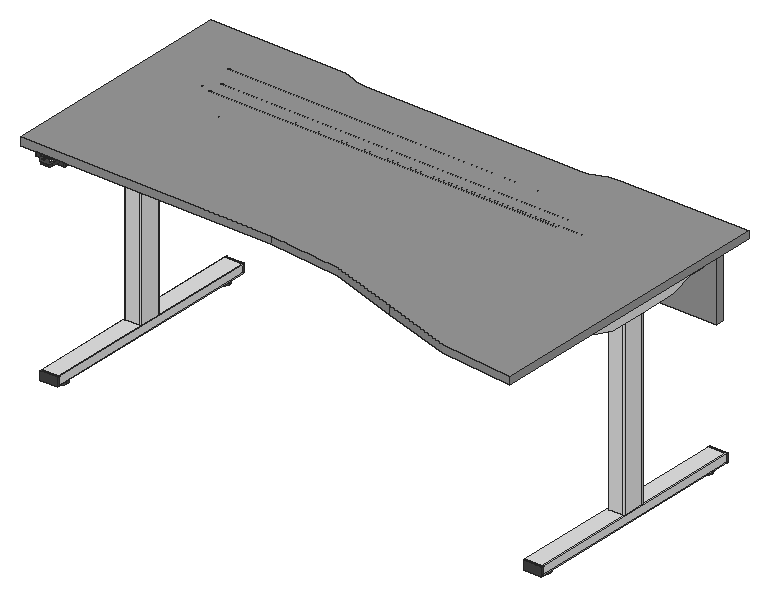
Revit family "Wave Desk with Scallop Top -RH", category Furniture, Revit 2016 (continued)
Definition of nested family "Cable Tray"
  Lines and regions (mm)
    sketch lines
      curve 188: line (-600, 330.808, 613.5) -> (-600, 247.192, 613.5)
      curve 189: arc (-600, 247.192, 613.5) -> (-600, 245.429, 614.073) -> (-600, 244.339, 615.573) r 3
      curve 190: line (-600, 244.339, 615.573) -> (-600, 236.24, 640.5)
      curve 191: line (-600, 333.661, 615.573) -> (-600, 341.76, 640.5)
      curve 192: arc (-600, 330.808, 613.5) -> (-600, 332.571, 614.073) -> (-600, 333.661, 615.573) r 3
      curve 200: line (-700, 330.808, 613.5) -> (-700, 247.192, 613.5)
      curve 201: arc (-700, 247.192, 613.5) -> (-700, 245.429, 614.073) -> (-700, 244.339, 615.573) r 3
      curve 202: line (-700, 244.339, 615.573) -> (-700, 236.24, 640.5)
      curve 203: line (-700, 333.661, 615.573) -> (-700, 341.76, 640.5)
      curve 204: arc (-700, 330.808, 613.5) -> (-700, 332.571, 614.073) -> (-700, 333.661, 615.573) r 3
      curve 212: line (-200, 330.808, 613.5) -> (-200, 247.192, 613.5)
      curve 213: arc (-200, 247.192, 613.5) -> (-200, 245.429, 614.073) -> (-200, 244.339, 615.573) r 3
      curve 214: line (-200, 244.339, 615.573) -> (-200, 236.24, 640.5)
      curve 215: line (-200, 333.661, 615.573) -> (-200, 341.76, 640.5)
      curve 216: arc (-200, 330.808, 613.5) -> (-200, 332.571, 614.073) -> (-200, 333.661, 615.573) r 3
    sketch lines, not visible
      curve 20: line (0, 318.719, 618.385) -> (0, 235.103, 618.385)
      curve 21: arc (0, 235.103, 618.385) -> (0, 233.34, 618.958) -> (0, 232.25, 620.458) r 3
      curve 22: line (0, 232.25, 620.458) -> (0, 224.151, 645.385)
      curve 23: line (0, 321.572, 620.458) -> (0, 329.671, 645.385)
      curve 24: arc (0, 318.719, 618.385) -> (0, 320.482, 618.958) -> (0, 321.572, 620.458) r 3
  Dimensions and locks
    equal spacing: plane 4, plane 3 "Center (Left/Right)", plane 5
    "Width": plane 4 to plane 5
    equal spacing: plane 7, plane 1 "Center (Front/Back)", plane 8
    locked: plane 7 to plane 8 at 800
    locked: plane 2 to plane 9 "Foot" at 15
    "HeightControl": plane 10 to level
    locked: plane 10 to plane 6 "Desktop Underside" at 25
    locked: plane 4 to plane 11 "Cable Tray Left" at 100
    locked: plane 12 "Cable Tray Right" to plane 5 at 100
    equal spacing: curve 3, curve 51, curve 123, curve 63, curve 75, curve 87, curve 99, curve 111, curve 27
    equal spacing: curve 39, curve 195, curve 183, curve 171, curve 159, curve 147, curve 207, curve 135, curve 3
    locked: plane 6 "Desktop Underside" to Extrusion 1 at 61.5
    locked: plane 7 to Extrusion 1 at 53.5
    locked: plane 6 "Desktop Underside" to Sweep 5 at 61.964
    locked: plane 6 "Desktop Underside" to Sweep 18 at 61.964
    locked: plane 6 "Desktop Underside" to Sweep 17 at 61.964
    locked: plane 6 "Desktop Underside" to Sweep 16 at 61.964
    locked: plane 6 "Desktop Underside" to Sweep 15 at 61.964
    locked: plane 6 "Desktop Underside" to Sweep 14 at 61.964
    locked: plane 6 "Desktop Underside" to Sweep 19 at 61.964
    locked: plane 6 "Desktop Underside" to Sweep 13 at 61.964
    locked: plane 6 "Desktop Underside" to Sweep 2 at 61.964
    locked: plane 6 "Desktop Underside" to Sweep 6 at 61.964
    locked: plane 6 "Desktop Underside" to Sweep 12 at 61.964
    locked: plane 6 "Desktop Underside" to Sweep 7 at 61.964
    locked: plane 6 "Desktop Underside" to Sweep 8 at 61.964
    locked: plane 6 "Desktop Underside" to Sweep 9 at 61.964
    locked: plane 6 "Desktop Underside" to Sweep 10 at 61.964
    locked: plane 6 "Desktop Underside" to Sweep 11 at 61.964
    locked: plane 6 "Desktop Underside" to Sweep 4 at 61.964
    locked: plane 7 to Extrusion 20 at 50.5
    locked: Extrusion 20 to plane 12 "Cable Tray Right" at 160
    locked: Extrusion 20 to Extrusion 20 at 25
    locked: Extrusion 21 to Extrusion 21 at 25
    locked: plane 11 "Cable Tray Left" to Extrusion 21 at 160
    aligned and locked: level to plane 2
    aligned and locked: Extrusion 1 to plane 12 "Cable Tray Right"
    aligned and locked: Extrusion 1 to plane 11 "Cable Tray Left"
    aligned and locked: plane 12 "Cable Tray Right" to curve 27
    aligned and locked: curve 39 to plane 11 "Cable Tray Left"
    aligned and locked: plane 6 "Desktop Underside" to Extrusion 20
  Automatic sketch dimensions
    Sweep 2 sketch curve to profile plane = 0 mm  (x2)
    Sweep 3 sketch curve to profile plane = 0 mm  (x2)
    Sweep 4 sketch curve to profile plane = 0 mm  (x2)
    Sweep 5 sketch curve to profile plane = 0 mm  (x2)
    Sweep 6 sketch curve to profile plane = 0 mm  (x2)
    Sweep 7 sketch curve to profile plane = 0 mm  (x2)
    Sweep 8 sketch curve to profile plane = 0 mm  (x2)
    Sweep 9 sketch curve to profile plane = 0 mm  (x2)
    Sweep 10 sketch curve to profile plane = 0 mm  (x2)
    Sweep 11 sketch curve to profile plane = 0 mm  (x2)
    Sweep 12 sketch curve to profile plane = 0 mm  (x2)
    Sweep 13 sketch curve to profile plane = 0 mm  (x2)
    Sweep 14 sketch curve to profile plane = 0 mm  (x2)
    Sweep 15 sketch curve to profile plane = 0 mm  (x2)
    Sweep 16 sketch curve to profile plane = 0 mm  (x2)
    Sweep 17 sketch curve to profile plane = 0 mm  (x2)
    Sweep 18 sketch curve to profile plane = 0 mm  (x2)
    Sweep 19 sketch curve to profile plane = 0 mm  (x2)
    Extrusion 1 sketch curve to plane 6 "Desktop Underside" = 61.5 mm  (x2)
    Extrusion 1 sketch curve to plane 7 = 167 mm
    Extrusion 1 sketch curve to Extrusion 1 sketch curve = 31 mm  (x2)
    Extrusion 1 sketch curve to Extrusion 1 sketch curve = 50 mm
    Extrusion 1 sketch curve to Extrusion 1 sketch curve = 30 mm  (x2)
    Extrusion 20 sketch curve to Extrusion 20 sketch curve = 0 mm  (x11)
    Extrusion 20 sketch curve to plane 6 "Desktop Underside" = 0 mm
    Extrusion 20 sketch curve to plane 6 "Desktop Underside" = 31.5 mm
    Extrusion 20 sketch curve to plane 7 = 171.565 mm
    Extrusion 20 sketch curve to Extrusion 20 sketch curve = 0.065 mm  (x2)
    Extrusion 20 sketch curve to Extrusion 20 sketch curve = 3 mm  (x4)
    Extrusion 20 sketch curve to Extrusion 20 sketch curve = 1.5 mm  (x4)
    Extrusion 20 sketch curve to Extrusion 20 sketch curve = 2.634 mm
    Extrusion 20 sketch curve to Extrusion 20 sketch curve = 0.049 mm  (x2)
    Extrusion 20 sketch curve to Extrusion 20 sketch curve = 39.801 mm
    Extrusion 20 sketch curve to Extrusion 20 sketch curve = 6 mm  (x2)
    Extrusion 20 sketch curve to Extrusion 20 sketch curve = 54.484 mm
    Extrusion 20 sketch curve to plane 6 "Desktop Underside" = 5 mm  (x2)
    Extrusion 20 sketch curve to Extrusion 20 sketch curve = 12 mm
    Extrusion 20 sketch curve to Extrusion 20 sketch curve = 36.451 mm
    Extrusion 20 sketch curve to Extrusion 20 sketch curve = 0.35 mm
    Extrusion 20 sketch curve to Extrusion 20 sketch curve = 0.016 mm
    Extrusion 20 sketch curve to plane 6 "Desktop Underside" = 56.074 mm
    Extrusion 20 sketch curve to Extrusion 20 sketch curve = 20.781 mm
    Extrusion 20 sketch curve to Extrusion 20 sketch curve = 5 mm  (x3)
    Extrusion 20 sketch curve to Extrusion 20 sketch curve = 5.426 mm
    Extrusion 20 sketch curve to Extrusion 20 sketch curve = 81.082 mm
    Extrusion 20 sketch curve to Extrusion 20 sketch curve = 3.312 mm
    Extrusion 20 sketch curve to Extrusion 20 sketch curve = 20.355 mm
    Extrusion 20 sketch curve to Extrusion 20 sketch curve = 2 mm  (x2)
    Extrusion 20 sketch curve to Extrusion 20 sketch curve = 0.293 mm  (x2)
    Extrusion 20 sketch curve to Extrusion 20 sketch curve = 3.101 mm
    Extrusion 20 sketch curve to plane 6 "Desktop Underside" = 8.101 mm
    Extrusion 20 sketch curve to Extrusion 20 sketch curve = 0.033 mm
    Extrusion 20 sketch curve to Extrusion 20 sketch curve = 1.263 mm
    Extrusion 21 sketch curve to Extrusion 21 sketch curve = 0 mm  (x11)
    Extrusion 21 sketch curve to plane 6 "Desktop Underside" = 0 mm
    Extrusion 21 sketch curve to plane 6 "Desktop Underside" = 31.5 mm
    Extrusion 21 sketch curve to plane 7 = 171.565 mm
    Extrusion 21 sketch curve to Extrusion 21 sketch curve = 0.065 mm  (x2)
    Extrusion 21 sketch curve to Extrusion 21 sketch curve = 3 mm  (x4)
    Extrusion 21 sketch curve to Extrusion 21 sketch curve = 1.5 mm  (x4)
    Extrusion 21 sketch curve to Extrusion 21 sketch curve = 2.634 mm
    Extrusion 21 sketch curve to Extrusion 21 sketch curve = 0.049 mm  (x2)
    Extrusion 21 sketch curve to Extrusion 21 sketch curve = 39.801 mm
    Extrusion 21 sketch curve to Extrusion 21 sketch curve = 6 mm  (x2)
    Extrusion 21 sketch curve to Extrusion 21 sketch curve = 54.484 mm
    Extrusion 21 sketch curve to plane 6 "Desktop Underside" = 5 mm  (x2)
    Extrusion 21 sketch curve to Extrusion 21 sketch curve = 12 mm
    Extrusion 21 sketch curve to Extrusion 21 sketch curve = 36.451 mm
    Extrusion 21 sketch curve to Extrusion 21 sketch curve = 0.35 mm
    Extrusion 21 sketch curve to Extrusion 21 sketch curve = 0.016 mm
    Extrusion 21 sketch curve to Extrusion 21 sketch curve = 3.101 mm  (x2)
    Extrusion 21 sketch curve to plane 6 "Desktop Underside" = 24.207 mm
    Extrusion 21 sketch curve to Extrusion 21 sketch curve = 7.293 mm
    Extrusion 21 sketch curve to Extrusion 21 sketch curve = 0.293 mm  (x2)
    Extrusion 21 sketch curve to Extrusion 21 sketch curve = 5 mm  (x3)
    Extrusion 21 sketch curve to Extrusion 21 sketch curve = 2 mm
    Extrusion 21 sketch curve to Extrusion 21 sketch curve = 20.355 mm
    Extrusion 21 sketch curve to Extrusion 21 sketch curve = 20.781 mm
    Extrusion 21 sketch curve to Extrusion 21 sketch curve = 5.426 mm
    Extrusion 21 sketch curve to Extrusion 21 sketch curve = 81.082 mm
    Extrusion 21 sketch curve to Extrusion 21 sketch curve = 3.312 mm
    Extrusion 21 sketch curve to Extrusion 21 sketch curve = 0.033 mm
    Extrusion 21 sketch curve to Extrusion 21 sketch curve = 1.263 mm
    radius of Sweep 2 sketch curve = 1.5 mm
    radius of Sweep 3 sketch curve = 1.5 mm
    radius of Sweep 4 sketch curve = 1.5 mm
    radius of Sweep 5 sketch curve = 1.5 mm
    radius of Sweep 6 sketch curve = 1.5 mm
    radius of Sweep 7 sketch curve = 1.5 mm
    radius of Sweep 8 sketch curve = 1.5 mm
    radius of Sweep 9 sketch curve = 1.5 mm
    radius of Sweep 10 sketch curve = 1.5 mm
    radius of Sweep 11 sketch curve = 1.5 mm
    radius of Sweep 12 sketch curve = 1.5 mm
    radius of Sweep 13 sketch curve = 1.5 mm
    radius of Sweep 14 sketch curve = 1.5 mm
    radius of Sweep 15 sketch curve = 1.5 mm
    radius of Sweep 16 sketch curve = 1.5 mm
    radius of Sweep 17 sketch curve = 1.5 mm
    radius of Sweep 18 sketch curve = 1.5 mm
    radius of Sweep 19 sketch curve = 1.5 mm
    radius of Extrusion 1 sketch curve = 1.5 mm  (x4)
Types (13, lengths in mm): name | Width | Product Code | Modesty Panel Visible | Modesty Panel | Cable Tray Visible | Cable Tray
  (no name) | 1800 | "HDLWR18S" | yes | "BTCPW18" | yes | "MECT18"
  1600 x 800 x 1000 | 1600 | "HDLWR16S" | no | "" | no | ""
  1800 x 800 x 1000 | 1800 | "HDLWR18S" | no | "" | no | ""
  1400 x 800 x 1000 | 1400 | "HDLWR14S" | no | "" | no | ""
  1800 x 800 x 1000 with Modesty Panel & Cable Tray | 1800 | "HDLWR18S" | yes | "BTCPW18" | yes | "MECT18"
  1800 x 800 x 1000 with Modesty Panel | 1800 | "HDLWR18S" | yes | "BTCPW18" | no | ""
  1800 x 800 x 1000 with Cable Tray | 1800 | "HDLWR18S" | no | "" | yes | "MECT18"
  1600 x 800 x 1000 with Modesty Panel & Cable Tray | 1600 | "HDLWR16S" | yes | "BTCPW16" | yes | "MECT16"
  1600 x 800 x 1000 with Modesty Panel | 1600 | "HDLWR16S" | yes | "BTCPW16" | no | ""
  1600 x 800 x 1000 with Cable Tray | 1600 | "HDLWR16S" | no | "" | yes | "MECT16"
  1400 x 800 x 1000 with Modesty Panel & Cable Tray | 1400 | "HDLWR14S" | yes | "BTCPW14" | yes | "MECT14"
  1400 x 800 x 1000 with Modesty Panel | 1400 | "HDLWR14S" | yes | "BTCPW14" | no | ""
  1400 x 800 x 1000 with Cable Tray | 1400 | "HDLWR14S" | no | "" | yes | "MECT14"
